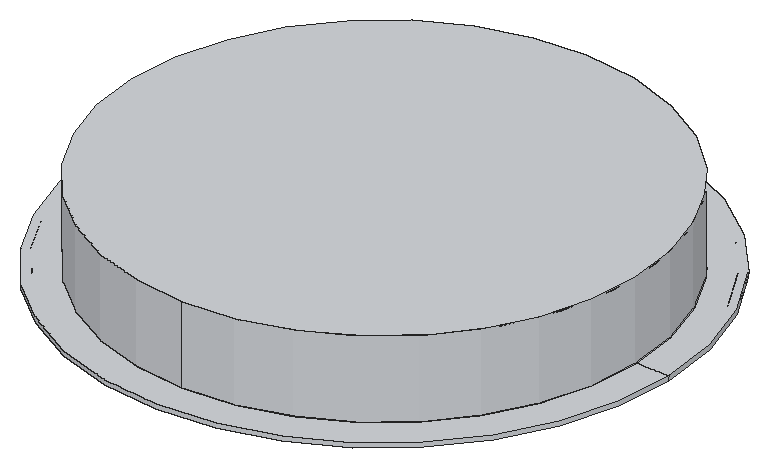
Revit family "Alcon-12201-R-Revit-Family", category Lighting Fixtures, host Ceiling, Revit 2021
Family settings
  Host = Ceiling
  Round Connector Dimension = Use Diameter
  Part Type = Normal
  OmniClass Number = 23.80.70.11
  OmniClass Title = Luminaries for Internal Lighting
  Always vertical = Yes
  Cut with Voids When Loaded = No
  Light Source = Yes
  Shared = No
  Room Calculation Point = No
Parameters (values of type "Type 1")
  Wattage = 9.2903 W
  built-in parameter 1150110 = 1 (stored number, unit not read)
  built-in parameter 1114217 = 1 (stored number, unit not read)
  built-in parameter 1150109 = 1 (stored number, unit not read)
  built-in parameter 1150134 = (empty or 0)
  built-in parameter 1150113 = 1 (stored number, unit not read)
  Product Identity = "Alcon Lighting 12201-R"
  Manufacturer = "Alcon Light"
  Lumens = 1380 lm
  built-in parameter 1150115 = 1 (stored number, unit not read)
  built-in parameter 1150105 = 439.27 (stored number, unit not read)
  Link To Product Page = "https://www.alconlighting.com/12201-round-led-recessed-skylight.html"
  LightSource = none
  Light Source Symbol Size = 2' - 0"
  built-in parameter 1150137 = (empty or 0)
  built-in parameter 1150139 = (empty or 0)
  built-in parameter 1150112 = 1 (stored number, unit not read)
  built-in parameter 1150114 = 1 (stored number, unit not read)
  built-in parameter 1150132 = 2
  built-in parameter 1150102 = (empty or 0)
  built-in parameter 1150138 = (empty or 0)
  built-in parameter 1150107 = 3000 (stored number, unit not read)
  built-in parameter 1150106 = 4.3927 (stored number, unit not read)
  Housing = none
  Emit from Circle Diameter = 2' - 0"
  Emit Shape Visible in Rendering = no
  built-in parameter 1150104 = 13.8 (stored number, unit not read)
  Dimming Lamp Color Temperature Shift = <None>
  Radius = 2' - 0"
  Default Elevation = 0' - 0"
  Color Filter = 16777215
  built-in parameter 1114218 = 1 (stored number, unit not read)
  built-in parameter 1150133 = 10 (stored number, unit not read)
Reference planes (in)
  plane 1 "Light Source Axis (F/B)": y = 0
  plane 2: z = 0
  plane 3 "Light Source Axis (L/R)": x = 0
  plane 4 "Ceiling": z = 157.48031
  plane 5 "Light Source Elevation": z = 157.10531
Forms (in)
  Revolve 1, solid, material <- "Housing"
    sketch origin (0, 0, 0) x (1, 0, 0) y (0, 0, 1)
      loop
        line (-24, 157.48031) -> (-24, 157.10531) -> (-23.375, 157.10531) -> (-23.375, 157.35531) -> (-23.31298, 157.35531) -> (-23.31298, 157.10531) -> (-21.25, 157.10531) -> (-21.25, 157.48031) -> (-24, 157.48031)
      axis (0, 157.48031) -> (0, 157.10531)
    angle from 0 to 360
  Extrusion 2, solid, material <- "LightSource"
    sketch origin (0, 0, 157.10531) x (-1, 0, 0) y (0, -1, 0)
      loop
        circle (0, 0) r 21.25
    from 0 to 0.375
  Extrusion 3, solid, material <- "LightSource"
    sketch origin (0, 0, 157.48031) x (0, 1, 0) y (-1, 0, 0)
      loop
        circle (0, 0) r 21.25
    from 0 to 6.5
Dimensions and locks (in)
  equal spacing: host sketch curve, plane 3 "Light Source Axis (L/R)", host sketch curve
  equal spacing: host sketch curve, plane 1 "Light Source Axis (F/B)", host sketch curve
  host sketch curve to host sketch curve = 13' - 1.48031"  (x2)
  plane 4 "Ceiling" to host ceiling = 0' - 0"
  "Radius": imposter light to Revolve 1 sketch curve
  aligned and locked: plane 3 "Light Source Axis (L/R)" to imposter light
  aligned and locked: plane 1 "Light Source Axis (F/B)" to imposter light
  aligned and locked: plane 5 "Light Source Elevation" to imposter light
  aligned and locked: plane 5 "Light Source Elevation" to Revolve 1 sketch curve  (x2)
  aligned and locked: Revolve 1 sketch curve to plane 4 "Ceiling"
  aligned and locked: Extrusion 2 sketch curve to Revolve 1  (x2)
  aligned and locked: plane 5 "Light Source Elevation" to Extrusion 2
  aligned and locked: Extrusion 2 to plane 4 "Ceiling"
  aligned and locked: Extrusion 3 sketch curve to Extrusion 2  (x2)
Automatic sketch dimensions
  Revolve 1 sketch curve to plane 3 "Light Source Axis (L/R)" = 0' - 0"
  plane 4 "Ceiling" to Revolve 1 sketch curve = 0' - 0 1/8"
  Revolve 1 sketch curve to Revolve 1 sketch curve = 0' - 0 5/8"
  Revolve 1 sketch curve to Revolve 1 sketch curve = 0' - 0.06202"
  Revolve 1 sketch curve to Revolve 1 sketch curve = 0' - 2.06298"
  plane 5 "Light Source Elevation" to Revolve 1 sketch curve = 0' - 3 3/8"
  Revolve 1 sketch curve to plane 4 "Ceiling" = 0' - 1 1/4"
